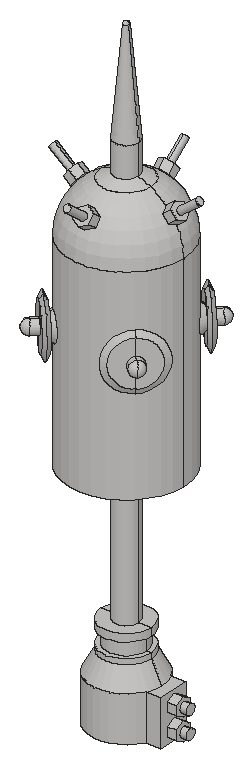
Revit family "FA_АктивныйМолниеприемник FOREND EU_91888_EZETEK", category Системы пожарной сигнализации, Revit 2017
Family settings
  Сохранять ориентацию аннотаций = Нет
  Размер круглого соединителя = Использовать радиус
  Тип детали = Нормальный
  На основе рабочей плоскости = Нет
  Всегда вертикально = Да
  При загрузке вырезать с полостями = Нет
  Общий = Да
  Точка расчета площади = Нет
Parameters (values of type "АктивныйМолниеприемник_FOREND EU_91888")
  Производитель_Контакты = "ezetek@ezetek.ru"  # constant formula
  Описание = "Активный молниеприемник FOREND EU состоит из корпуса, генератора ионов и соединительной муфты. Корпус из нержавеющей стали обеспечивает надежную защиту молниеприемника от коррозии на срок не менее 25 лет. Генератор ионов размещен внутри корпуса в дополнительном кожухе для обеспечения герметичности. Во время грозы генератор вырабатывает статические заряды, которые поддерживают ионизацию воздуха вокруг молниеприемника и создают благоприятные условия для начала формирования встречного лидера молнии. Для усиления процесса ионизации воздуха конструкция корпуса дополнена поддерживающими стержнями с активными и пассивными изолирующими электродами. Такая конструкция позволяет расширить зону защиты в сравнении с активным молниеприемником FOREND EU-М. Соединительная муфта применяется для подключения токоотвода к активному молниеприемнику и заземляющему устройству.\r\n\r\nМолниеприемник и все металлические объекты на кровле должны быть соединены с заземляющим устройством. Модульно-штыревое заземление для активной молниезащиты просто в исполнении - нет необходимости монтировать контур заземления вокруг здания. Степень защиты молниеприемника – IP 65, диапазон рабочих температур - от -40 °С до +120 °С. Радиус зоны защиты активного молниеприемника FOREND EU зависит от высоты установки молниеприемника и категории молниезащиты объекта."  # constant formula
  Использовать масштаб аннотаций [instance] = 1 = 0  # 0
  Изготовитель = "Ezetek"  # constant formula
  Группа модели = "Активная молниезащита"  # constant formula
  URL = "https://ezetek.ru/"
  ADSK_Этаж [instance] = ""
  ADSK_Примечание [instance] = ""
  ADSK_Позиция [instance] = ""
  ADSK_Обозначение = "91888"
  ADSK_Наименование краткое [instance] = "Активный молниеприемник"
  ADSK_Наименование = "Активный молниеприемник FOREND EU"
  ADSK_Материал = BIMLIB_Сталь_Нержавеющая_EZETEK
  ADSK_Масса_Текст = "4.40"  # constant formula
  ADSK_Масса = 4.4  # constant formula
  ADSK_Марка = "91888"
  ADSK_Количество = 1  # constant formula
  ADSK_Код изделия = "91888"
  ADSK_Завод-изготовитель = "Ezetek"  # constant formula
  ADSK_Единица измерения = "шт."  # constant formula
  ADSK_Группирование [instance] = ""
  ADSK_Версия Revit = "2017"  # constant formula
Reference planes
  plane 1 "По центру (Вперед/Назад)": y = 0
  plane 2: z = 0
  plane 3 "По центру (Влево/Вправо)": x = 0
  plane 4: z = 628
  plane 5: y = 173.437
  plane 6: y = -173.437
  plane 7: x = -57.656
  plane 8: x = 57.656
  plane 9: z = 231.25
  plane 10: z = 493
  plane 11: x = -12
  plane 12: x = 12
Forms (mm)
  Extrusion 1, solid, material "BIMLIB_Сталь_Нержавеющая_EZETEK" <- "ADSK_Материал", detail levels medium+fine
    sketch origin (-92.936, -28.771, 15.368) x (0, 0, -1) y (0, 1, 0)
      loop
        line (-23.033, 36.753) -> (-27.641, 28.771) -> (-23.033, 20.789) -> (-13.816, 20.789) -> (-9.208, 28.771) -> (-13.816, 36.753) -> (-23.033, 36.753)
    from 140 to 150
  Extrusion 2, solid, material "BIMLIB_Сталь_Нержавеющая_EZETEK" <- "ADSK_Материал", detail levels medium+fine
    sketch origin (-69.936, 0, 33.793) x (0, 0, -1) y (0, 1, 0)
      loop
        circle (0, 0) r 5
    from 134.209 to 127
  Revolve 3, solid, material "BIMLIB_Сталь_Нержавеющая_EZETEK" <- "ADSK_Материал", detail levels medium+fine
    sketch origin (0, 0, 0) x (1, 0, 0) y (0, 0, 1)
      loop
        line (0, 93.334) -> (-25, 93.334) -> (-25, 85.705) -> (-20, 85.705) -> (-20, 70.705) -> (-25, 70.705) -> (-25, 65.705) -> (-35.799, 45.395) -> (-35.799, 0) -> (0, 0) -> (0, 93.334)
      axis (0, 93.334) -> (0, 0)
    angle from 0 to 360
  Extrusion 4, solid, material "BIMLIB_Сталь_Нержавеющая_EZETEK" <- "ADSK_Материал", detail levels medium+fine
    sketch origin (0, 0, 0) x (1, 0, 0) y (0, 1, 0)
      loop
        circle (0, 0) r 12
    from 210.047 to 93.334
  Extrusion 5, solid, material "BIMLIB_Сталь_Нержавеющая_EZETEK" <- "ADSK_Материал", detail levels medium+fine
    sketch origin (0, 0, 0) x (1, 0, 0) y (0, 1, 0)
      loop
        circle (0, 0) r 15
    from 231.25 to 210.047
  Revolve 6, solid, material "BIMLIB_Сталь_Нержавеющая_EZETEK" <- "ADSK_Материал", detail levels medium+fine
    sketch origin (0, 0, 0) x (1, 0, 0) y (0, 0, 1)
      loop
        line (0, 231.25) -> (0, 493) -> (-11.903, 493)
        arc (-11.903, 493) -> (-18.178, 490.382) -> (-24.378, 487.593) r 246.781
        arc (-24.378, 487.593) -> (-48.63, 466.317) -> (-57.656, 435.344) r 57.656
        line (-57.656, 435.344) -> (-57.656, 231.25) -> (0, 231.25)
      axis (0, 493) -> (0, 231.25)
    angle from 0 to 360
  Revolve 7, solid, material "BIMLIB_Сталь_Нержавеющая_EZETEK" <- "ADSK_Материал", detail levels medium+fine
    sketch origin (0, 0, 0) x (1, 0, 0) y (0, 0, 1)
      loop
        arc (0, 628) -> (-1.75, 627.275) -> (-2.475, 625.525) r 2.475
        line (-2.475, 625.525) -> (-12, 522.998) -> (-12, 493) -> (0, 493) -> (0, 628)
      axis (0, 628) -> (0, 493)
    angle from 0 to 360
  Extrusion 8, solid, material "BIMLIB_Сталь_Нержавеющая_EZETEK" <- "ADSK_Материал", detail levels medium+fine
    sketch origin (0, 0, 0) x (1, 0, 0) y (0, 1, 0)
      loop
        line (32.064, 15.92) -> (32.064, -15.92) -> (47.064, -15.92) -> (47.064, 15.92) -> (32.064, 15.92)
    from 45.395 to 0
  Extrusion 9, solid, material "BIMLIB_Сталь_Нержавеющая_EZETEK" <- "ADSK_Материал", detail levels medium+fine
    sketch origin (-92.936, -28.771, 29.992) x (0, 0, 1) y (0, -1, 0)
      loop
        line (-23.033, -36.753) -> (-13.816, -36.753) -> (-9.208, -28.771) -> (-13.816, -20.789) -> (-23.033, -20.789) -> (-27.641, -28.771) -> (-23.033, -36.753)
    from 140 to 150
  Extrusion 10, solid, material "BIMLIB_Сталь_Нержавеющая_EZETEK" <- "ADSK_Материал", detail levels medium+fine
    sketch origin (-69.936, 0, 11.567) x (0, 0, 1) y (0, -1, 0)
      loop
        circle (0, 0) r 5
    from 134.209 to 127
  Extrusion 11, solid, material "BIMLIB_Сталь_Нержавеющая_EZETEK" <- "ADSK_Материал", detail levels medium+fine
    sketch origin (-53.131, -28.771, 369.678) x (0.615661, 0, -0.788011) y (0, 1, 0)
      loop
        line (-23.033, 36.753) -> (-27.641, 28.771) -> (-23.033, 20.789) -> (-13.816, 20.789) -> (-9.208, 28.771) -> (-13.816, 36.753) -> (-23.033, 36.753)
    from 140 to 150
  Extrusion 12, solid, material "BIMLIB_Сталь_Нержавеющая_EZETEK" <- "ADSK_Материал", detail levels medium+fine
    sketch origin (65.071, -28.771, 462.027) x (0.615661, 0, -0.788011) y (0, 1, 0)
      loop
        circle (-18.425, 28.771) r 3.524
    from 25 to 0
  Extrusion 13, solid, material "BIMLIB_Сталь_Нержавеющая_EZETEK" <- "ADSK_Материал", detail levels medium+fine
    sketch origin (53.131, -28.771, 369.678) x (-0.615661, 0, -0.788011) y (0, -1, 0)
      loop
        line (-23.033, -36.753) -> (-13.816, -36.753) -> (-9.208, -28.771) -> (-13.816, -20.789) -> (-23.033, -20.789) -> (-27.641, -28.771) -> (-23.033, -36.753)
    from 140 to 150
  Extrusion 14, solid, material "BIMLIB_Сталь_Нержавеющая_EZETEK" <- "ADSK_Материал", detail levels medium+fine
    sketch origin (-65.071, -28.771, 462.027) x (-0.615661, 0, -0.788011) y (0, -1, 0)
      loop
        circle (-18.425, -28.771) r 3.524
    from 25 to 0
  Extrusion 15, solid, material "BIMLIB_Сталь_Нержавеющая_EZETEK" <- "ADSK_Материал", detail levels medium+fine
    sketch origin (28.771, -53.131, 369.678) x (0, 0.615661, -0.788011) y (-1, 0, 0)
      loop
        line (-23.033, 36.753) -> (-27.641, 28.771) -> (-23.033, 20.789) -> (-13.816, 20.789) -> (-9.208, 28.771) -> (-13.816, 36.753) -> (-23.033, 36.753)
    from 140 to 150
  Extrusion 16, solid, material "BIMLIB_Сталь_Нержавеющая_EZETEK" <- "ADSK_Материал", detail levels medium+fine
    sketch origin (28.771, 65.071, 462.027) x (0, 0.615661, -0.788011) y (-1, 0, 0)
      loop
        circle (-18.425, 28.771) r 3.524
    from 25 to 0
  Extrusion 17, solid, material "BIMLIB_Сталь_Нержавеющая_EZETEK" <- "ADSK_Материал", detail levels medium+fine
    sketch origin (28.771, 53.131, 369.678) x (0, -0.615661, -0.788011) y (1, 0, 0)
      loop
        line (-23.033, -36.753) -> (-13.816, -36.753) -> (-9.208, -28.771) -> (-13.816, -20.789) -> (-23.033, -20.789) -> (-27.641, -28.771) -> (-23.033, -36.753)
    from 140 to 150
  Extrusion 18, solid, material "BIMLIB_Сталь_Нержавеющая_EZETEK" <- "ADSK_Материал", detail levels medium+fine
    sketch origin (28.771, -65.071, 462.027) x (0, -0.615661, -0.788011) y (1, 0, 0)
      loop
        circle (-18.425, -28.771) r 3.524
    from 25 to 0
  Revolve 19, solid, material "BIMLIB_Сталь_Нержавеющая_EZETEK" <- "ADSK_Материал", detail levels medium+fine
    sketch origin (0.884, 0.884, 0) x (0.707107, 0.707107, 0) y (0, 0, 1)
      loop
        line (-69.626, 359.057) -> (-63.071, 359.057) -> (-63.071, 381.923) -> (-66.348, 387.599) -> (-69.626, 381.923) -> (-69.626, 359.057)
      axis (-69.626, 359.057) -> (-63.071, 359.057)
    angle from 0 to 360
  Revolve 20, solid, material "BIMLIB_Сталь_Нержавеющая_EZETEK" <- "ADSK_Материал", detail levels medium+fine
    sketch origin (0.884, 0.884, 0) x (0.707107, 0.707107, 0) y (0, 0, 1)
      loop
        line (-57.656, 359.057) -> (-57.656, 373.608) -> (-69.626, 366.128) -> (-77.554, 366.128)
        arc (-77.554, 366.128) -> (-82.554, 364.057) -> (-84.626, 359.057) r 7.071
        line (-84.626, 359.057) -> (-57.656, 359.057)
      axis (-57.656, 359.057) -> (-84.626, 359.057)
    angle from 0 to 360
  Revolve 21, solid, material "BIMLIB_Сталь_Нержавеющая_EZETEK" <- "ADSK_Материал", detail levels medium+fine
    sketch origin (-0.884, -0.884, 0) x (-0.707107, -0.707107, 0) y (0, 0, -1)
      loop
        line (-69.626, -359.057) -> (-69.626, -381.923) -> (-66.348, -387.599) -> (-63.071, -381.923) -> (-63.071, -359.057) -> (-69.626, -359.057)
      axis (-69.626, -359.057) -> (-63.071, -359.057)
    angle from 0 to 360
  Revolve 22, solid, material "BIMLIB_Сталь_Нержавеющая_EZETEK" <- "ADSK_Материал", detail levels medium+fine
    sketch origin (-0.884, -0.884, 0) x (-0.707107, -0.707107, 0) y (0, 0, -1)
      loop
        line (-57.656, -359.057) -> (-84.626, -359.057)
        arc (-84.626, -359.057) -> (-82.554, -364.057) -> (-77.554, -366.128) r 7.071
        line (-77.554, -366.128) -> (-69.626, -366.128) -> (-57.656, -373.608) -> (-57.656, -359.057)
      axis (-57.656, -359.057) -> (-84.626, -359.057)
    angle from 0 to 360
  Revolve 23, solid, material "BIMLIB_Сталь_Нержавеющая_EZETEK" <- "ADSK_Материал", detail levels medium+fine
    sketch origin (-0.884, 0.884, 0) x (-0.707107, 0.707107, 0) y (0, 0, -1)
      loop
        line (-69.626, -359.057) -> (-69.626, -381.923) -> (-66.348, -387.599) -> (-63.071, -381.923) -> (-63.071, -359.057) -> (-69.626, -359.057)
      axis (-69.626, -359.057) -> (-63.071, -359.057)
    angle from 0 to 360
  Revolve 24, solid, material "BIMLIB_Сталь_Нержавеющая_EZETEK" <- "ADSK_Материал", detail levels medium+fine
    sketch origin (-0.884, 0.884, 0) x (-0.707107, 0.707107, 0) y (0, 0, -1)
      loop
        line (-57.656, -359.057) -> (-84.626, -359.057)
        arc (-84.626, -359.057) -> (-82.554, -364.057) -> (-77.554, -366.128) r 7.071
        line (-77.554, -366.128) -> (-69.626, -366.128) -> (-57.656, -373.608) -> (-57.656, -359.057)
      axis (-57.656, -359.057) -> (-84.626, -359.057)
    angle from 0 to 360
  Revolve 25, solid, material "BIMLIB_Сталь_Нержавеющая_EZETEK" <- "ADSK_Материал", detail levels medium+fine
    sketch origin (0.884, -0.884, 0) x (0.707107, -0.707107, 0) y (0, 0, 1)
      loop
        line (-69.626, 359.057) -> (-63.071, 359.057) -> (-63.071, 381.923) -> (-66.348, 387.599) -> (-69.626, 381.923) -> (-69.626, 359.057)
      axis (-69.626, 359.057) -> (-63.071, 359.057)
    angle from 0 to 360
  Revolve 26, solid, material "BIMLIB_Сталь_Нержавеющая_EZETEK" <- "ADSK_Материал", detail levels medium+fine
    sketch origin (0.884, -0.884, 0) x (0.707107, -0.707107, 0) y (0, 0, 1)
      loop
        line (-57.656, 359.057) -> (-57.656, 373.608) -> (-69.626, 366.128) -> (-77.554, 366.128)
        arc (-77.554, 366.128) -> (-82.554, 364.057) -> (-84.626, 359.057) r 7.071
        line (-84.626, 359.057) -> (-57.656, 359.057)
      axis (-57.656, 359.057) -> (-84.626, 359.057)
    angle from 0 to 360
Cuts and joins
  joined: Revolve 6, Revolve 7
  joined: Revolve 3, Extrusion 8
Lines and regions (mm)
  reference lines
    curve 1: line (25.906, 0, 495.912) -> (63.801, 0, 447.408)
Dimensions and locks
  equal spacing: plane 7, plane 3 "По центру (Влево/Вправо)", plane 8
  equal spacing: plane 6, plane 1 "По центру (Вперед/Назад)", plane 5
  locked: plane 5 to plane 6 at 346.875
  plane 7 to plane 8 = 115.312 mm
  locked: plane 4 to plane 2 at 628
  equal spacing: plane 8, plane 3 "По центру (Влево/Вправо)", plane 7
  locked: plane 8 to plane 7 at 115.312
  plane 4 to plane 10 to plane 9 to plane 2 = 135 mm locked, 261.75 mm locked, 231.25 mm locked
  equal spacing: plane 12, plane 3 "По центру (Влево/Вправо)", plane 11
  locked: plane 12 to plane 11 at 24
  equal spacing: Extrusion 8 sketch curve, plane 1 "По центру (Вперед/Назад)", Extrusion 8 sketch curve
  locked: Extrusion 8 sketch curve to Extrusion 8 sketch curve at 31.841
  locked: Extrusion 12 to Extrusion 11 at 25
  locked: Extrusion 14 to Extrusion 13 at 25
  aligned and locked: level to plane 2
  aligned and locked: plane 2 to Revolve 3 sketch curve
  aligned and locked: plane 3 "По центру (Влево/Вправо)" to Revolve 3 sketch curve
  aligned and locked: Revolve 3 sketch curve to plane 3 "По центру (Влево/Вправо)"
  aligned and locked: Revolve 3 to Extrusion 4
  aligned and locked: plane 9 to Extrusion 5
  aligned and locked: Extrusion 5 to Extrusion 4
  aligned and locked: plane 10 to Revolve 6 sketch curve
  aligned and locked: Revolve 6 sketch curve to Extrusion 5
  aligned and locked: Revolve 6 sketch curve to plane 3 "По центру (Влево/Вправо)"
  aligned and locked: plane 3 "По центру (Влево/Вправо)" to Revolve 6 sketch curve
  aligned and locked: Revolve 6 sketch curve to plane 7
  aligned and locked: plane 9 to Revolve 6 sketch curve
  aligned and locked: plane 4 to Revolve 7 sketch curve
  aligned and locked: Revolve 7 sketch curve to plane 3 "По центру (Влево/Вправо)"
  aligned and locked: Revolve 7 sketch curve to Revolve 7 sketch curve
  aligned and locked: Extrusion 8 to Revolve 3
  aligned and locked: Extrusion 8 to plane 2
  aligned and locked: Revolve 6 sketch curve to plane 10
  aligned and locked: cut or joined group of Revolve 6, Revolve 7 to plane 10
  aligned and locked: Extrusion 12 to Extrusion 11
  aligned and locked: curve 1 to Extrusion 11
  aligned and locked: Extrusion 11 to Extrusion 12
  aligned and locked: Extrusion 13 to Extrusion 14
  aligned and locked: Extrusion 14 to Extrusion 13
  aligned and locked: Extrusion 16 to Extrusion 15
  aligned and locked: Extrusion 15 to Extrusion 16
  aligned and locked: Extrusion 17 to Extrusion 18
  aligned and locked: Extrusion 18 to Extrusion 17
Automatic sketch dimensions
  plane 10 to curve 1 = 2.912 mm
  curve 1 to plane 12 = 13.906 mm
  curve 1 to plane 8 = 6.145 mm
  curve 1 to plane 10 = 45.592 mm
  Extrusion 1 sketch curve to plane 1 "По центру (Вперед/Назад)" = 0 mm  (x2)
  level to Extrusion 1 sketch curve = 43.009 mm
  Extrusion 1 sketch curve to plane 1 "По центру (Вперед/Назад)" = 7.982 mm
  Extrusion 1 sketch curve to Extrusion 1 sketch curve = 4.608 mm  (x3)
  plane 1 "По центру (Вперед/Назад)" to Extrusion 1 sketch curve = 7.982 mm
  Extrusion 1 sketch curve to Extrusion 1 sketch curve = 9.217 mm  (x2)
  Extrusion 2 sketch curve to plane 1 "По центру (Вперед/Назад)" = 0 mm
  level to Extrusion 2 sketch curve = 33.793 mm
  Revolve 3 sketch curve to level = 0 mm
  Revolve 3 sketch curve to plane 11 = 8 mm
  Revolve 3 sketch curve to Revolve 3 sketch curve = 5 mm  (x3)
  plane 7 to Revolve 3 sketch curve = 21.857 mm
  level to Revolve 3 sketch curve = 45.395 mm
  Revolve 3 sketch curve to Revolve 3 sketch curve = 20.31 mm
  Revolve 3 sketch curve to Revolve 3 sketch curve = 15 mm
  Revolve 3 sketch curve to Revolve 3 sketch curve = 7.629 mm
  Revolve 3 sketch curve to Revolve 3 sketch curve = 0 mm
  plane 1 "По центру (Вперед/Назад)" to Extrusion 4 sketch curve = 0 mm
  Extrusion 4 sketch curve to plane 3 "По центру (Влево/Вправо)" = 0 mm
  plane 1 "По центру (Вперед/Назад)" to Extrusion 5 sketch curve = 0 mm
  Extrusion 5 sketch curve to plane 3 "По центру (Влево/Вправо)" = 0 mm
  Revolve 6 sketch curve to plane 3 "По центру (Влево/Вправо)" = 0 mm
  plane 11 to Revolve 6 sketch curve = 0.097 mm
  Revolve 6 sketch curve to plane 8 = 22.308 mm
  plane 9 to Revolve 6 sketch curve = 32.705 mm
  Revolve 6 sketch curve to plane 10 = 57.656 mm
  Revolve 7 sketch curve to plane 10 = 0 mm  (x2)
  Revolve 7 sketch curve to plane 11 = 0 mm
  Revolve 7 sketch curve to plane 4 = 0 mm
  Revolve 7 sketch curve to Revolve 7 sketch curve = 2.475 mm
  plane 10 to Revolve 7 sketch curve = 29.998 mm
  Extrusion 8 sketch curve to plane 12 = 20.064 mm
  plane 8 to Extrusion 8 sketch curve = 10.592 mm
  Extrusion 9 sketch curve to plane 1 "По центру (Вперед/Назад)" = 0 mm  (x2)
  level to Extrusion 9 sketch curve = 2.35 mm
  level to Extrusion 9 sketch curve = 6.959 mm  (x2)
  plane 1 "По центру (Вперед/Назад)" to Extrusion 9 sketch curve = 7.982 mm
  Extrusion 9 sketch curve to Extrusion 9 sketch curve = 9.217 mm  (x2)
  Extrusion 9 sketch curve to Extrusion 9 sketch curve = 4.608 mm
  Extrusion 9 sketch curve to plane 1 "По центру (Вперед/Назад)" = 7.982 mm
  Extrusion 10 sketch curve to plane 1 "По центру (Вперед/Назад)" = 0 mm
  level to Extrusion 10 sketch curve = 11.567 mm
  plane 1 "По центру (Вперед/Назад)" to Extrusion 11 sketch curve = 0 mm  (x2)
  Extrusion 11 sketch curve to plane 1 "По центру (Вперед/Назад)" = 7.982 mm
  Extrusion 11 sketch curve to Extrusion 11 sketch curve = 4.608 mm  (x3)
  plane 1 "По центру (Вперед/Назад)" to Extrusion 11 sketch curve = 7.982 mm
  Extrusion 11 sketch curve to Extrusion 11 sketch curve = 9.217 mm  (x2)
  Extrusion 12 sketch curve to Extrusion 11 = 7.982 mm  (x2)
  plane 1 "По центру (Вперед/Назад)" to Extrusion 13 sketch curve = 0 mm  (x2)
  Extrusion 13 sketch curve to plane 1 "По центру (Вперед/Назад)" = 7.982 mm
  Extrusion 13 sketch curve to Extrusion 13 sketch curve = 4.608 mm  (x3)
  plane 1 "По центру (Вперед/Назад)" to Extrusion 13 sketch curve = 7.982 mm
  Extrusion 13 sketch curve to Extrusion 13 sketch curve = 9.217 mm  (x2)
  Extrusion 14 sketch curve to Extrusion 13 = 7.982 mm  (x2)
  Extrusion 15 sketch curve to plane 3 "По центру (Влево/Вправо)" = 0 mm  (x2)
  plane 11 to Extrusion 15 sketch curve = 4.018 mm
  Extrusion 15 sketch curve to Extrusion 15 sketch curve = 4.608 mm  (x3)
  plane 12 to Extrusion 15 sketch curve = 4.018 mm
  Extrusion 15 sketch curve to Extrusion 15 sketch curve = 9.217 mm  (x2)
  Extrusion 16 sketch curve to Extrusion 15 = 7.982 mm  (x2)
  Extrusion 17 sketch curve to plane 3 "По центру (Влево/Вправо)" = 0 mm  (x2)
  plane 11 to Extrusion 17 sketch curve = 4.018 mm
  Extrusion 17 sketch curve to Extrusion 17 sketch curve = 4.608 mm  (x3)
  plane 12 to Extrusion 17 sketch curve = 4.018 mm
  Extrusion 17 sketch curve to Extrusion 17 sketch curve = 9.217 mm  (x2)
  Extrusion 18 sketch curve to Extrusion 17 = 7.982 mm  (x2)
  plane 9 to Revolve 19 sketch curve = 127.807 mm
  Revolve 19 sketch curve to plane 10 = 105.401 mm
  Revolve 19 sketch curve to Revolve 19 sketch curve = 3.277 mm
  Revolve 19 sketch curve to plane 10 = 111.077 mm
  Revolve 19 sketch curve to Revolve 19 sketch curve = 6.554 mm
  Revolve 19 sketch curve to Revolve 19 sketch curve = 0 mm  (x4)
  plane 9 to Revolve 20 sketch curve = 127.807 mm
  Revolve 20 sketch curve to Revolve 20 sketch curve = 7.071 mm
  Revolve 20 sketch curve to Revolve 20 sketch curve = 7.929 mm
  Revolve 20 sketch curve to Revolve 20 sketch curve = 11.969 mm
  Revolve 20 sketch curve to Revolve 20 sketch curve = 7.479 mm
  Revolve 20 sketch curve to Revolve 20 sketch curve = 0 mm  (x3)
  plane 9 to Revolve 21 sketch curve = 127.807 mm
  Revolve 21 sketch curve to plane 10 = 105.401 mm
  Revolve 21 sketch curve to Revolve 21 sketch curve = 3.277 mm  (x2)
  Revolve 21 sketch curve to plane 10 = 111.077 mm
  Revolve 21 sketch curve to Revolve 21 sketch curve = 0 mm  (x4)
  plane 9 to Revolve 22 sketch curve = 127.807 mm
  Revolve 22 sketch curve to Revolve 22 sketch curve = 7.071 mm
  Revolve 22 sketch curve to Revolve 22 sketch curve = 7.929 mm
  Revolve 22 sketch curve to Revolve 22 sketch curve = 11.969 mm
  Revolve 22 sketch curve to Revolve 22 sketch curve = 7.479 mm
  Revolve 22 sketch curve to Revolve 22 sketch curve = 0 mm  (x3)
  plane 9 to Revolve 23 sketch curve = 127.807 mm
  Revolve 23 sketch curve to plane 10 = 105.401 mm
  Revolve 23 sketch curve to Revolve 23 sketch curve = 3.277 mm
  Revolve 23 sketch curve to plane 10 = 111.077 mm
  Revolve 23 sketch curve to Revolve 23 sketch curve = 6.554 mm
  Revolve 23 sketch curve to Revolve 23 sketch curve = 0 mm  (x4)
  plane 9 to Revolve 24 sketch curve = 127.807 mm
  Revolve 24 sketch curve to Revolve 24 sketch curve = 7.071 mm
  Revolve 24 sketch curve to Revolve 24 sketch curve = 7.929 mm
  Revolve 24 sketch curve to Revolve 24 sketch curve = 11.969 mm
  Revolve 24 sketch curve to Revolve 24 sketch curve = 7.479 mm
  Revolve 24 sketch curve to Revolve 24 sketch curve = 0 mm  (x3)
  plane 9 to Revolve 25 sketch curve = 127.807 mm
  Revolve 25 sketch curve to plane 10 = 105.401 mm
  Revolve 25 sketch curve to Revolve 25 sketch curve = 3.277 mm
  Revolve 25 sketch curve to plane 10 = 111.077 mm
  Revolve 25 sketch curve to Revolve 25 sketch curve = 6.554 mm
  Revolve 25 sketch curve to Revolve 25 sketch curve = 0 mm  (x4)
  plane 9 to Revolve 26 sketch curve = 127.807 mm
  Revolve 26 sketch curve to Revolve 26 sketch curve = 7.071 mm
  Revolve 26 sketch curve to Revolve 26 sketch curve = 7.929 mm
  Revolve 26 sketch curve to Revolve 26 sketch curve = 11.969 mm
  Revolve 26 sketch curve to Revolve 26 sketch curve = 7.479 mm
  Revolve 26 sketch curve to Revolve 26 sketch curve = 0 mm  (x3)
  radius of Extrusion 2 sketch curve = 5 mm
  radius of Extrusion 4 sketch curve = 12 mm
  radius of Extrusion 5 sketch curve = 15 mm
  radius of Extrusion 10 sketch curve = 5 mm
  radius of Extrusion 12 sketch curve = 3.524 mm
  radius of Extrusion 14 sketch curve = 3.524 mm
  radius of Extrusion 16 sketch curve = 3.524 mm
  radius of Extrusion 18 sketch curve = 3.524 mm
